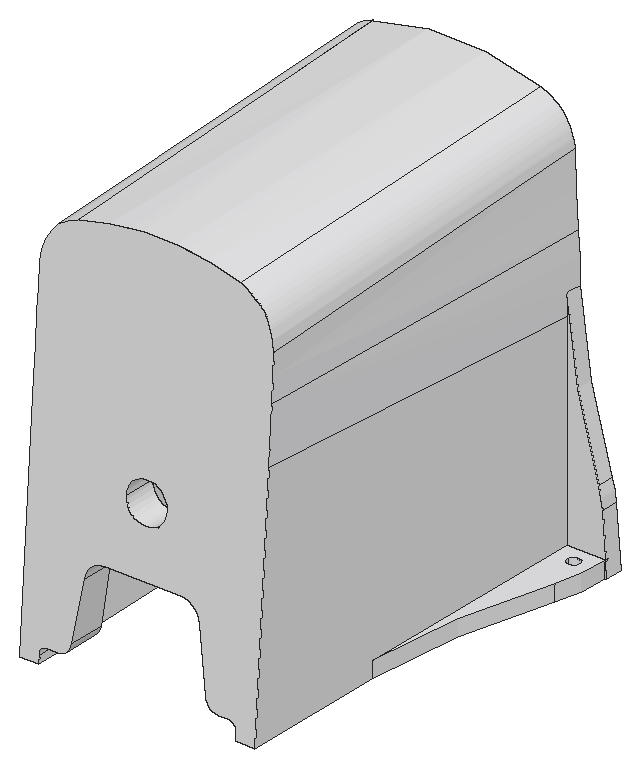
Revit family "Sink-Semi_Pedestal-KOHLER-REACH-K-18566X", category Specialty Equipment, host Face, Revit 2017
Family settings
  Host = Face
  Round Connector Dimension = Use Diameter
  Part Type = Normal
  OmniClass Number = 23.31.25.00
  OmniClass Title = Toilet and Bath Specialties
  Cut with Voids When Loaded = No
  Shared = No
  Room Calculation Point = No
Parameters (values of type "0-White")
  Width = 9 95/256"  # constant formula
  WaterSense Certified = 1 = 0  # no
  URL = "https://www.kohler.co.th/"
  Type = 1
  Product Page URL = "https://www.kohler.co.th/productDetails/18566X?skuid=18566X-0"
  Product Name = "Reach"  # constant formula
  Product Documentation Link = "http://resources.kohler.com/plumbing/kohlerapac/pdf/1207287-X4-D.pdf"
  Model = "K-18566X-0"  # constant formula
  Material = "Vitreous China"  # constant formula
  Master Format 2014 Name = "Toilet, Bath, and Laundry Accessories"  # constant formula
  Master Format 2014 = "10 28 00"  # constant formula
  Manufacturer Address = "16th Floor, Jasmine City Building 2, Soi Sukhumvit 23, Sukhumvit Road, Khlong Toei Nuea, Watthana, Bangkok 10110"  # constant formula
  Manufacturer = "KOHLER Co."  # constant formula
  Length = 12 1/128"  # constant formula
  Height = 11 107/256"  # constant formula
  Finish = Kohler-Vitreous_China-0-White
  Environmental Product Declaration = ""
  Description = "Floating basin support"  # constant formula
  Default Elevation = 25"
  Declare Label = ""
  Date Modified = "03/25/2021"  # constant formula
  Date Created = "03/25/2021"  # constant formula
  Copyright = "Copyright KOHLER Co."  # constant formula
  Contact Us = "https://www.kohler.co.th/contact-us"
  Assembly Code = "C1030200"
  ADA Compliant = 1 = 0  # no
Reference planes (in)
  plane 1 "Center (Front/Back)": y = 0
  plane 2: z = 0
  plane 3 "Center (Left/Right)": x = 0
  plane 4: x = 4.68504
  plane 5: x = -4.68605
  plane 6: y = -5.70898
  plane 7: y = 5.70898
  plane 8: z = 12.00781
Dimensions and locks (in)
  equal spacing: plane 7, plane 1 "Center (Front/Back)", plane 6
  "Width": plane 5 to plane 4
  plane 7 to plane 6 = 11 107/256"
  "Length": plane 8 to level
  "Height": plane 7 to plane 6
  plane 8 to level = 12 1/128"
  plane 5 to plane 4 = 9 95/256"
  aligned and locked: plane 2 to host face
  aligned and locked: level to host face
  aligned and locked: plane 5 to nested 1
Automatic sketch dimensions
  host sketch curve to host sketch curve = 96"  (x2)
Nested families (in)
  nested 1: "K-18566X" at (-0.00102, 5.70866, 0), type "K-18566X"
Definition of nested family "K-18566X"
  Parameters (values of type "K-18566X")
    Material = none
  Reference planes (in)
    plane 1 "Center (Front/Back)": y = 0
    plane 2: z = 0
    plane 3 "Center (Left/Right)": x = 0
    plane 4: z = 12.00787
    plane 5: y = -11.41732
    plane 6: y = -5.70866
    plane 7: x = -4.68504
    plane 8: x = 4.68504
  Forms (in)
    Blend 1, solid, material <- "Material", detail levels medium+fine
      base sketch origin (0, 0, 0) x (1, 0, 0) y (0, 0, 1)
        loop
          line (-3.54114, 0) -> (3.54114, 0) -> (3.54114, 6.29695)
          arc (3.54114, 6.29695) -> (3.52291, 7.31664) -> (3.46823, 8.33502) r 28.51996
          arc (3.46823, 8.33502) -> (3.40611, 9.34803) -> (3.36483, 10.36211) r 49.37546
          arc (3.36483, 10.36211) -> (3.09019, 11.14656) -> (2.41438, 11.63037) r 1.37795
          arc (2.41438, 11.63037) -> (0.00442, 12.01619) -> (-2.40746, 11.64253) r 7.84327
          arc (-2.40746, 11.64253) -> (-3.08788, 11.15925) -> (-3.36453, 10.37186) r 1.37795
          arc (-3.36453, 10.37186) -> (-3.40586, 9.3529) -> (-3.46823, 8.33502) r 49.37546
          arc (-3.46823, 8.33502) -> (-3.52291, 7.31664) -> (-3.54114, 6.29695) r 28.51996
          line (-3.54114, 6.29695) -> (-3.54114, 0)
      top sketch origin (0, 0, 0) x (1, 0, 0) y (0, 0, 1)
        loop
          arc (-2.30756, 11.19553) -> (-3.06139, 10.67009) -> (-3.35105, 9.79805) r 1.45753
          line (-3.35105, 9.79805) -> (-3.35105, 8.61284) -> (-3.35105, 7.03804) -> (-3.35105, 0) -> (3.35105, 0) -> (3.35105, 7.03804) -> (3.35105, 8.61284) -> (3.35105, 9.79394)
          arc (3.35105, 9.79394) -> (3.06269, 10.66397) -> (2.31178, 11.18955) r 1.45669
          arc (2.31178, 11.18955) -> (0.00254, 11.52902) -> (-2.30756, 11.19553) r 8.0952
      from 0 to 11.75219
    Blend 2, void
      base sketch origin (0, 0, 0) x (1, 0, 0) y (0, 0, 1)
        loop
          line (3.0708, 0) -> (3.0708, 6.49606)
          arc (3.0708, 6.49606) -> (3.02882, 8.43798) -> (2.90297, 10.37626) r 44.93924
          arc (2.90297, 10.37626) -> (2.70482, 10.87445) -> (2.26477, 11.18074) r 0.93094
          arc (2.26477, 11.18074) -> (-0.00137, 11.54107) -> (-2.26709, 11.17813) r 7.27965
          arc (-2.26709, 11.17813) -> (-2.70561, 10.87234) -> (-2.90303, 10.37553) r 0.92913
          arc (-2.90303, 10.37553) -> (-3.02884, 8.43761) -> (-3.0708, 6.49606) r 44.93924
          line (-3.0708, 6.49606) -> (-3.0708, 0) -> (3.0708, 0)
      top sketch origin (0, 0, 0) x (1, 0, 0) y (0, 0, 1)
        loop
          arc (2.31069, 10.69976) -> (0.00041, 11.10534) -> (-2.31014, 10.70131) r 6.7957
          arc (-2.31014, 10.70131) -> (-2.72482, 10.38435) -> (-2.88208, 9.88666) r 0.86614
          line (-2.88208, 9.88666) -> (-2.88208, 7.91681) -> (-2.88208, 0) -> (2.88208, 0) -> (2.88208, 7.91681) -> (2.88208, 9.88531)
          arc (2.88208, 9.88531) -> (2.72499, 10.38276) -> (2.31069, 10.69976) r 0.86614
      from 0 to 10.38201
    Extrusion 3, void
      sketch origin (0, 0, 0) x (0, 1, 0) y (0, 0, 1)
        loop
          line (-11.4923, -0.51523) -> (-10.59492, 12.18162) -> (-12.1906, 12.18162) -> (-12.1906, -0.51523) -> (-11.4923, -0.51523)
      from -4.452 to 5.56338
    Extrusion 4, void
      sketch origin (0, 0, 0) x (1, 0, 0) y (0, 0, 1)
        loop
          arc (-2.58925, 0.46124) -> (-2.7513, 0.39412) -> (-2.81841, 0.23207) r 0.22916
          line (-2.81841, 0.23207) -> (-2.81838, -0.40491) -> (2.81923, -0.40491) -> (2.81927, 0.21855)
          arc (2.81927, 0.21855) -> (2.74819, 0.39016) -> (2.57659, 0.46124) r 0.24267
          line (2.57659, 0.46124) -> (2.30627, 0.46124)
          arc (2.30627, 0.46124) -> (2.04992, 0.55614) -> (1.91715, 0.79508) r 0.3937
          line (1.91715, 0.79508) -> (1.65184, 2.51972)
          arc (1.65184, 2.51972) -> (1.45268, 2.87813) -> (1.06815, 3.02048) r 0.59055
          line (1.06815, 3.02048) -> (-1.06815, 3.02048)
          arc (-1.06815, 3.02048) -> (-1.45268, 2.87813) -> (-1.65184, 2.51972) r 0.59055
          line (-1.65184, 2.51972) -> (-1.91715, 0.79508)
          arc (-1.91715, 0.79508) -> (-2.04992, 0.55614) -> (-2.30627, 0.46124) r 0.3937
          line (-2.30627, 0.46124) -> (-2.58925, 0.46124)
      from 6.83554 to 12.68909
    Extrusion 5, void
      sketch origin (0, 0, 0) x (1, 0, 0) y (0, 0, 1)
        loop
          circle (-0.00384, 4.95847) r 0.59055
      from 7.27061 to 12.68909
    Extrusion 6, solid, material <- "Material", detail levels medium+fine
      sketch origin (0, 0, 0) x (1, 0, 0) y (0, 0, 1)
        loop
          line (-2.95276, 5.77922) -> (-2.95276, 4.0619) -> (2.94251, 4.0619) -> (2.94251, 5.77922) -> (-2.95276, 5.77922)
      from 10.19013 to 10.58218
    Extrusion 7, solid, material <- "Material", detail levels medium+fine
      sketch origin (0, 0, 0) x (1, 0, 0) y (0, 0, 1)
        loop
          line (3.54114, 6.29695) -> (3.54114, 0) -> (4.68504, 0)
          arc (4.68504, 0) -> (4.61204, 0.8524) -> (4.54953, 1.70564) r 69.61999
          arc (4.54953, 1.70564) -> (4.51092, 2.00186) -> (4.43561, 2.29095) r 2.38699
          arc (4.43561, 2.29095) -> (3.83921, 4.58144) -> (3.53415, 6.92856) r 18.87588
          arc (3.53415, 6.92856) -> (3.53939, 6.61278) -> (3.54114, 6.29695) r 28.51996
        loop
          arc (-3.54114, 6.29695) -> (-3.53939, 6.61278) -> (-3.53415, 6.92856) r 28.51996
          arc (-3.53415, 6.92856) -> (-3.83921, 4.58144) -> (-4.43561, 2.29095) r 18.87588
          arc (-4.43561, 2.29095) -> (-4.51092, 2.00186) -> (-4.54953, 1.70564) r 2.38699
          arc (-4.54953, 1.70564) -> (-4.61204, 0.8524) -> (-4.68504, 0) r 69.61999
          line (-4.68504, 0) -> (-3.54114, 0) -> (-3.54114, 6.29695)
      from 0 to 0.47657
    Extrusion 8, solid, material <- "Material", detail levels medium+fine
      sketch origin (0, 0, 0) x (1, 0, 0) y (0, 1, 0)
        loop
          arc (3.4227, -7.32257) -> (3.75137, -4.64135) -> (4.43243, -2.02732) r 20.34124
          arc (4.43243, -2.02732) -> (4.60922, -1.28204) -> (4.65216, -0.51728) r 4.33747
          arc (4.65216, -0.51728) -> (4.63599, -0.25792) -> (4.60431, 0) r 4.33747
          line (4.60431, 0) -> (3.54114, 0) -> (3.4227, -7.32257)
        loop
          circle (4.13342, -0.98462) r 0.17717
        loop
          line (-3.4227, -7.32257) -> (-3.54114, 0) -> (-4.60431, 0)
          arc (-4.60431, 0) -> (-4.63599, -0.25792) -> (-4.65216, -0.51728) r 4.33747
          arc (-4.65216, -0.51728) -> (-4.60922, -1.28204) -> (-4.43243, -2.02732) r 4.33747
          arc (-4.43243, -2.02732) -> (-3.75137, -4.64135) -> (-3.4227, -7.32257) r 20.34124
        loop
          circle (-4.13342, -0.98462) r 0.17717
      from 0 to 0.4688
    Blend 9, solid, material <- "Material", detail levels coarse
      base sketch origin (0, 0, 0) x (1, 0, 0) y (0, 0, 1)
        loop
          line (-3.3971, 12.00787) -> (-3.3971, 0) -> (3.3971, 0) -> (3.3971, 12.00787) -> (-3.3971, 12.00787)
      top sketch origin (0, 0, 0) x (1, 0, 0) y (0, 0, 1)
        loop
          line (-3.11738, 11.61843) -> (-3.11738, 0) -> (3.11738, 0) -> (3.11738, 11.61843) -> (-3.11738, 11.61843)
      from 0 to 11.41732
    Blend 10, void
      base sketch origin (0, 0, 0) x (1, 0, 0) y (0, 0, 1)
        loop
          line (3.08048, 11.66308) -> (-3.08048, 11.66308) -> (-3.08048, 0) -> (3.08048, 0) -> (3.08048, 11.66308)
      top sketch origin (0, 0, 0) x (1, 0, 0) y (0, 0, 1)
        loop
          line (2.81979, 10.94261) -> (-2.81979, 10.94261) -> (-2.81979, 0) -> (2.81979, 0) -> (2.81979, 10.94261)
      from 0 to 10.38619
    Extrusion 11, solid, material <- "Material", detail levels coarse
      sketch origin (0, 0, 0) x (1, 0, 0) y (0, 0, 1)
        loop
          line (-3.12969, 0) -> (-3.12969, 7.3572) -> (-3.29818, 7.3572) -> (-4.68504, 2.28971) -> (-4.68504, 0) -> (-3.12969, 0)
        loop
          line (3.12969, 0) -> (4.68504, 0) -> (4.68504, 2.28971) -> (3.29818, 7.3572) -> (3.12969, 7.3572) -> (3.12969, 0)
      from 0 to 0.52274
    Extrusion 12, solid, material <- "Material", detail levels coarse
      sketch origin (0, 0, 0) x (1, 0, 0) y (0, 1, 0)
        loop
          line (-3.16367, 0) -> (-4.68504, 0) -> (-4.68504, -1.88262) -> (-3.20259, -6.42224) -> (-3.16367, -6.42224) -> (-3.16367, 0)
        loop
          line (3.16367, 0) -> (3.16367, -6.42224) -> (3.20259, -6.42224) -> (4.68504, -1.88262) -> (4.68504, 0) -> (3.16367, 0)
      from 0 to 0.62858
  Cuts and joins
    Blend 10 cuts Blend 9
    joined: Blend 9, Extrusion 11, Extrusion 12
    Blend 2, Extrusion 3, Extrusion 4, Extrusion 5 cuts Blend 1
    Extrusion 5 cuts Extrusion 6
    Extrusion 5 cuts Extrusion 7
    Extrusion 5 cuts Extrusion 8
    joined: Blend 1, Extrusion 6, Extrusion 7, Extrusion 8
  Lines and regions (in)
    Masking region 1
      outline origin (0, 0, 0) x (1, 0, 0) y (0, 1, 0)
        loop
          arc (-4.68504, 0) -> (-4.6158, -1.14114) -> (-4.36547, -2.25664) r 7.14607
          arc (-4.36547, -2.25664) -> (-3.70506, -5.01131) -> (-3.41034, -7.82866) r 21.62814
          line (-3.41034, -7.82866) -> (-3.33702, -10.29125) -> (-3.33702, -10.96476)
          arc (-3.33702, -10.96476) -> (-3.20447, -11.28477) -> (-2.88446, -11.41732) r 0.45256
          line (-2.88446, -11.41732) -> (-2.1495, -11.41732)
          arc (-2.1495, -11.41732) -> (-2.078, -11.4096) -> (-2.00981, -11.38678) r 0.33466
          line (-2.00981, -11.38678) -> (-1.76852, -11.27594)
          arc (-1.76852, -11.27594) -> (-1.70701, -11.26125) -> (-1.64425, -11.25341) r 0.57453
          arc (-1.64425, -11.25341) -> (-1.35638, -11.23846) -> (-1.06816, -11.23347) r 8.329
          line (-1.06816, -11.23347) -> (0, -11.23347) -> (1.06816, -11.23347)
          arc (1.06816, -11.23347) -> (1.35638, -11.23846) -> (1.64425, -11.25341) r 8.329
          arc (1.64425, -11.25341) -> (1.70701, -11.26125) -> (1.76852, -11.27594) r 0.57453
          line (1.76852, -11.27594) -> (2.00981, -11.38678)
          arc (2.00981, -11.38678) -> (2.078, -11.4096) -> (2.1495, -11.41732) r 0.33466
          line (2.1495, -11.41732) -> (2.88446, -11.41732)
          arc (2.88446, -11.41732) -> (3.20447, -11.28477) -> (3.33702, -10.96476) r 0.45256
          line (3.33702, -10.96476) -> (3.33702, -10.29125) -> (3.41034, -7.82866)
          arc (3.41034, -7.82866) -> (3.70506, -5.01131) -> (4.36547, -2.25664) r 21.62814
          arc (4.36547, -2.25664) -> (4.6158, -1.14114) -> (4.68504, 0) r 7.14607
          line (4.68504, 0) -> (-4.68504, 0)
        loop
          circle (-4.13284, -0.98393) r 0.17717
        loop
          circle (4.13284, -0.98393) r 0.17717
    Masking region 2
      outline origin (0, 0, 0) x (1, 0, 0) y (0, 0, 1)
        loop
          arc (-2.33524, 11.65992) -> (0.00201, 12.00787) -> (2.33819, 11.65286) r 7.94319
          arc (2.33819, 11.65286) -> (2.80424, 11.42089) -> (3.17241, 11.05283) r 1.61662
          arc (3.17241, 11.05283) -> (3.30616, 10.79429) -> (3.35959, 10.50815) r 0.99767
          arc (3.35959, 10.50815) -> (3.48276, 7.95145) -> (3.71661, 5.4025) r 59.04542
          arc (3.71661, 5.4025) -> (3.89463, 4.3097) -> (4.17726, 3.23916) r 11.46263
          arc (4.17726, 3.23916) -> (4.38958, 2.47876) -> (4.54953, 1.70564) r 11.56485
          arc (4.54953, 1.70564) -> (4.65594, 0.85589) -> (4.68504, 0) r 9.45704
          line (4.68504, 0) -> (2.88208, 0) -> (2.8821, 0.21751)
          arc (2.8821, 0.21751) -> (2.81061, 0.39009) -> (2.63803, 0.46158) r 0.24407
          line (2.63803, 0.46158) -> (2.30627, 0.46158)
          arc (2.30627, 0.46158) -> (2.04992, 0.55648) -> (1.91715, 0.79542) r 0.3937
          line (1.91715, 0.79542) -> (1.65182, 2.52007)
          arc (1.65182, 2.52007) -> (1.45267, 2.87848) -> (1.06814, 3.02083) r 0.59055
          line (1.06814, 3.02083) -> (-1.06814, 3.02083)
          arc (-1.06814, 3.02083) -> (-1.45267, 2.87848) -> (-1.65182, 2.52007) r 0.59055
          line (-1.65182, 2.52007) -> (-1.91715, 0.79542)
          arc (-1.91715, 0.79542) -> (-2.04992, 0.55648) -> (-2.30627, 0.46158) r 0.3937
          line (-2.30627, 0.46158) -> (-2.63803, 0.46158)
          arc (-2.63803, 0.46158) -> (-2.81061, 0.39009) -> (-2.8821, 0.21751) r 0.24407
          line (-2.8821, 0.21751) -> (-2.88208, 0) -> (-4.68504, 0)
          arc (-4.68504, 0) -> (-4.65594, 0.85589) -> (-4.54953, 1.70564) r 9.45704
          arc (-4.54953, 1.70564) -> (-4.38958, 2.47876) -> (-4.17726, 3.23916) r 11.56485
          arc (-4.17726, 3.23916) -> (-3.89463, 4.3097) -> (-3.71661, 5.4025) r 11.46263
          arc (-3.71661, 5.4025) -> (-3.48276, 7.95145) -> (-3.35959, 10.50815) r 59.04542
          arc (-3.35959, 10.50815) -> (-3.30616, 10.79429) -> (-3.17241, 11.05283) r 0.99767
          arc (-3.17241, 11.05283) -> (-2.80226, 11.42232) -> (-2.33351, 11.65429) r 1.61662
        loop
          circle (0, 4.91492) r 0.59055
    Masking region 3
      outline origin (0, 0, 0) x (0, 1, 0) y (0, 0, 1)
        loop
          line (0, 12.00787) -> (-10.21766, 11.55471)
          arc (-10.21766, 11.55471) -> (-10.52803, 11.42044) -> (-10.6704, 11.1137) r 0.47497
          line (-10.6704, 11.1137) -> (-11.41732, 0.54562)
          arc (-11.41732, 0.54562) -> (-11.40754, 0.27281) -> (-11.41732, 0) r 3.80825
          line (-11.41732, 0) -> (0, 0) -> (0, 12.00787)
    symbolic lines, detail levels medium+fine
      curve 1: arc (-2.22179, -10.69496, 0) -> (0.00238, -10.67099, 0) -> (2.22655, -10.69496, 0) r 103.19902
      curve 2: line (-2.87439, -10.74031, 0) -> (-2.88241, -11.02821, 0)
      curve 3: line (-2.88211, -11.42073, 0) -> (-2.88241, -11.02821, 0)
      curve 4: arc (-2.87439, -10.74031, 0) -> (-2.54863, -10.70983, 0) -> (-2.22179, -10.69496, 0) r 6.84249
      curve 5: spline (-0.59055, -11.10631, 0) -> (-0.57043, -11.09612, 0) -> (-0.51143, -11.08663, 0) -> (-0.41758, -11.07847, 0) -> (-0.29528, -11.07221, 0) -> (-0.15285, -11.06828, 0) -> (0, -11.06694, 0) -> (0.15285, -11.06828, 0) -> (0.29528, -11.07221, 0) -> (0.41758, -11.07847, 0) -> (0.51143, -11.08663, 0) -> (0.57043, -11.09612, 0) -> (0.59055, -11.10631, 0) -> (0.57043, -11.1165, 0) -> (0.51143, -11.126, 0) -> (0.41758, -11.13415, 0) -> (0.29528, -11.14041, 0) -> (0.15285, -11.14434, 0) -> (0, -11.14568, 0) -> (-0.15285, -11.14434, 0) -> (-0.29528, -11.14041, 0) -> (-0.41758, -11.13415, 0) -> (-0.51143, -11.126, 0) -> (-0.57043, -11.1165, 0) -> (-0.59055, -11.10631, 0)
      curve 6: arc (-2.37012, -10.24584, 0) -> (-0.00792, -10.22057, 0) -> (2.35429, -10.24584, 0) r 110.43374
      curve 7: arc (2.35429, -10.24584, 0) -> (2.8458, -10.25813, 0) -> (3.33721, -10.27396, 0) r 68.16095
      curve 8: arc (2.35429, -10.24584, 0) -> (2.34043, -10.48462, 0) -> (2.22655, -10.69496, 0) r 0.55021
      curve 9: arc (-2.37012, -10.24584, 0) -> (-2.33515, -10.48335, 0) -> (-2.22179, -10.69496, 0) r 0.69815
      curve 10: line (-2.37012, -10.24584, 0) -> (-2.37012, 0, 0)
      curve 11: line (-3.35437, 0, 0) -> (-3.35437, -9.55406, 0)
      curve 12: arc (-2.87439, -10.74031, 0) -> (-3.2029, -10.6035, 0) -> (-3.33721, -10.27396, 0) r 0.46284
      curve 13: line (-3.35437, -0.47958, 0) -> (-4.66538, -0.47958, 0)
      curve 14: line (-4.4637, 0, 0) -> (-4.4637, -0.47958, 0)
      curve 15: arc (-2.35429, -10.24584, 0) -> (-2.8458, -10.25813, 0) -> (-3.33721, -10.27396, 0) r 68.16095
      curve 16: arc (2.23132, 0, 11.18795) -> (-0.03246, 0, 11.53472) -> (-2.29624, 0, 11.18795) r 7.56242
      curve 17: arc (2.80622, 0, 10.75415) -> (2.55627, 0, 11.02075) -> (2.23132, 0, 11.18795) r 1.07252
      curve 18: arc (2.8803, 0, 10.5683) -> (2.85271, 0, 10.66499) -> (2.80622, 0, 10.75415) r 0.49695
      curve 19: line (2.8803, 0, 10.5683) -> (3.06722, 0, 6.29619)
      curve 20: line (3.06722, 0, 6.29619) -> (3.06722, 0, 0)
      curve 21: arc (2.18588, 0, 10.63185) -> (-0.03178, 0, 10.97719) -> (-2.24945, 0, 10.63185) r 7.29311
      curve 22: line (2.88208, 0, 0.22065) -> (2.75661, 0, 10.00914)
      curve 23: arc (2.62294, 0, 10.35206) -> (2.42273, 0, 10.52057) -> (2.18588, 0, 10.63185) r 1.00758
      curve 24: arc (2.75661, 0, 10.00914) -> (2.7218, 0, 10.19308) -> (2.62294, 0, 10.35206) r 0.50992
      curve 25: line (2.80901, 0, 5.92081) -> (-2.80261, 0, 5.92081)
      curve 26: line (2.67178, 0, 5.77922) -> (-2.67178, 0, 5.77922)
      curve 27: line (2.23132, 0, 11.18795) -> (2.23132, 0, 10.61614)
      curve 28: line (2.7521, 0, 10.82914) -> (2.7521, 0, 10.07556)
      curve 29: arc (2.80976, 0, 5.863) -> (2.75249, 0, 5.80181) -> (2.67178, 0, 5.77922) r 0.15551
      curve 30: arc (-2.80622, 0, 10.75415) -> (-2.55627, 0, 11.02075) -> (-2.23132, 0, 11.18795) r 1.07252
      curve 31: arc (-2.8803, 0, 10.5683) -> (-2.85271, 0, 10.66499) -> (-2.80622, 0, 10.75415) r 0.49695
      curve 32: line (-2.8803, 0, 10.5683) -> (-3.06722, 0, 6.29619)
      curve 33: line (-3.06722, 0, 6.29619) -> (-3.06722, 0, 0)
      curve 34: line (-2.88208, 0, 0.22065) -> (-2.75661, 0, 10.00914)
      curve 35: arc (-2.62294, 0, 10.35206) -> (-2.42273, 0, 10.52057) -> (-2.18588, 0, 10.63185) r 1.00758
      curve 36: arc (-2.75661, 0, 10.00914) -> (-2.7218, 0, 10.19308) -> (-2.62294, 0, 10.35206) r 0.50992
      curve 37: line (-2.23132, 0, 11.18795) -> (-2.23132, 0, 10.61614)
      curve 38: line (-2.7521, 0, 10.82914) -> (-2.7521, 0, 10.07556)
      curve 39: arc (-2.80976, 0, 5.863) -> (-2.75249, 0, 5.80181) -> (-2.67178, 0, 5.77922) r 0.15551
      curve 40: line (2.8348, 0, 3.90903) -> (-2.8348, 0, 3.90903)
      curve 41: line (2.67178, 0, 4.05062) -> (-2.67178, 0, 4.05062)
      curve 42: arc (2.82666, 0, 3.90903) -> (2.7767, 0, 4.00989) -> (2.67178, 0, 4.05062) r 0.15551
      curve 43: arc (-2.82666, 0, 3.90903) -> (-2.7767, 0, 4.00989) -> (-2.67178, 0, 4.05062) r 0.15551
      curve 44: line (0, 0, 11.61417) -> (0, -10.22719, 11.18424)
      curve 45: arc (0, -10.22719, 11.18424) -> (0, -10.52883, 11.06589) -> (0, -10.6935, 10.78682) r 0.49723
      curve 46: line (0, 0, 10.94214) -> (0, -10.26902, 10.50785)
      curve 47: arc (0, -10.26902, 10.50785) -> (0, -10.52115, 10.44376) -> (0, -10.72882, 10.28707) r 0.65886
      curve 48: line (0, -0.01048, 10.58464) -> (0, -10.26879, 10.04703)
      curve 49: line (0, -10.26879, 10.04703) -> (0, -10.74344, 10.08022)
      curve 50: line (0, -0.47958, 7.21174) -> (0, -0.47279, 0.35397)
      curve 51: line (0, -0.47958, 7.21174) -> (0, 0, 7.21174)
      curve 52: line (0, -0.47864, 6.2605) -> (0, -10.56541, 6.019)
      curve 53: line (0, -10.56541, 6.019) -> (0, -11.01833, 6.05862)
      curve 54: line (0, -0.47291, 0.47197) -> (0, -5.37287, 0.46712)
      curve 55: line (0, -0.47279, 0.35397) -> (0, -5.39405, 0.35397)
      curve 56: arc (0, -5.37287, 0.46712) -> (0, -6.62367, 0.46434) -> (0, -7.87446, 0.45847) r 506.80614
      curve 57: arc (0, -5.39405, 0.35397) -> (0, -6.63535, 0.38011) -> (0, -7.87446, 0.45847) r 29.48995
      curve 58: arc (0, -7.87446, 0.45847) -> (0, -7.92032, 0.22923) -> (0, -7.87446, 0) r 0.59581
      curve 59: line (0, -0.47279, 0.35397) -> (0, -0.25965, 0.20473)
      curve 60: arc (0, -0.25965, 0.20473) -> (0, -0.16888, 0.11489) -> (0, -0.11312, 0) r 0.37882
      curve 61: line (0, -0.47465, 2.22689) -> (0, 0, 2.22689)
      curve 62: line (0, -10.99043, 0) -> (0, -10.28792, 10.04634)
      curve 63: arc (0, -10.28792, 10.04634) -> (0, -10.2434, 10.80019) -> (0, -10.21519, 11.55482) r 34.91075
      curve 64: line (2.87439, -10.74031, 0) -> (2.88241, -11.02821, 0)
      curve 65: line (2.88211, -11.42073, 0) -> (2.88241, -11.02821, 0)
      curve 66: arc (2.87439, -10.74031, 0) -> (2.54863, -10.70983, 0) -> (2.22179, -10.69496, 0) r 6.84249
      curve 67: line (2.37012, -10.24584, 0) -> (2.37012, 0, 0)
      curve 68: line (3.35437, 0, 0) -> (3.35437, -9.67275, 0)
      curve 69: arc (2.87439, -10.74031, 0) -> (3.2029, -10.6035, 0) -> (3.33721, -10.27396, 0) r 0.46284
      curve 70: line (3.35437, -0.47958, 0) -> (4.66651, -0.47958, 0)
      curve 71: line (4.4637, 0, 0) -> (4.4637, -0.47958, 0)
  Dimensions and locks (in)
    plane 1 "Center (Front/Back)" to plane 5 = 11.41732"
    level to plane 4 = 12.00787"
    plane 4 to level = 12.00787"
    plane 5 to plane 1 "Center (Front/Back)" = 11.41732"
    equal spacing: plane 5, plane 6, plane 1 "Center (Front/Back)"
    plane 8 to plane 7 = 9.37008"
    aligned and locked: plane 2 to level
  Automatic sketch dimensions
    curve 62 to level = 0"
    curve 58 to level = 0"
    curve 60 to level = 0"
    curve 51 to plane 1 "Center (Front/Back)" = 0"
    curve 46 to plane 1 "Center (Front/Back)" = 0"
    curve 44 to plane 1 "Center (Front/Back)" = 0"
    curve 61 to plane 1 "Center (Front/Back)" = 0"
    plane 1 "Center (Front/Back)" to curve 59 = 0.25965"
    curve 59 to curve 60 = 0.21315"
    curve 60 to level = 0.10558"
    curve 60 to curve 59 = 0.21728"
    plane 1 "Center (Front/Back)" to curve 50 = 0.47958"
    plane 6 to curve 56 = 0.83763"
    plane 6 to curve 54 = 0.33579"
    plane 6 to curve 57 = 0.31461"
    level to curve 58 = 0.22923"
    curve 58 to plane 6 = 1.61585"
    plane 5 to curve 45 = 1.21102"
    curve 44 to curve 45 = 0.02088"
    curve 47 to curve 45 = 0.02967"
    curve 48 to curve 47 = 0.03282"
    curve 46 to curve 45 = 0.06272"
    curve 62 to curve 48 = 0.01914"
    plane 5 to curve 52 = 0.85192"
    curve 63 to plane 4 = 0.47372"
    curve 63 to plane 5 = 33.69631"
    curve 56 to curve 60 = 506.23318"
    level to curve 59 = 0.20473"
    curve 60 to curve 55 = 0.14925"
    curve 57 to curve 54 = 0.11315"
    plane 4 to curve 52 = 5.98888"
    plane 4 to curve 50 = 4.79614"
    plane 4 to curve 47 = 2.15806"
    curve 47 to curve 62 = 0.19653"
    curve 62 to curve 49 = 0.00069"
    curve 48 to curve 46 = 0.46082"
    curve 47 to curve 45 = 0.1796"
    curve 45 to curve 44 = 0.49679"
    curve 57 to plane 4 = 17.83604"
    plane 1 "Center (Front/Back)" to curve 48 = 0.01048"
    plane 1 "Center (Front/Back)" to curve 61 = 0.47465"
    plane 1 "Center (Front/Back)" to curve 52 = 0.47864"
    curve 45 to curve 63 = 0.012"
    curve 45 to curve 45 = 0.4872"
    curve 47 to curve 45 = 0.03532"
    curve 49 to curve 47 = 0.01462"
    plane 5 to curve 62 = 0.42689"
    plane 5 to curve 53 = 0.399"
    curve 52 to curve 53 = 0.03963"
    curve 49 to curve 47 = 0.20686"
    plane 4 to curve 48 = 1.42323"
    curve 48 to curve 46 = 0.3575"
    plane 4 to curve 44 = 0.3937"
    curve 33 to level = 0"
    curve 20 to level = 0"
    curve 32 to curve 34 = 0.12369"
    curve 32 to curve 39 = 0.39544"
    curve 32 to curve 31 = 0.48922"
    curve 31 to curve 36 = 0.14439"
    curve 31 to curve 37 = 0.15976"
    curve 36 to curve 30 = 0.33643"
    curve 30 to curve 35 = 0.03077"
    curve 16 to plane 3 "Center (Left/Right)" = 0.03246"
    curve 21 to plane 3 "Center (Left/Right)" = 0.03178"
    plane 3 "Center (Left/Right)" to curve 23 = 1.8795"
    curve 23 to curve 17 = 0.03077"
    plane 4 to curve 27 = 0.81993"
    curve 17 to curve 27 = 0.32105"
    curve 17 to curve 24 = 0.33643"
    curve 27 to curve 18 = 0.15976"
    curve 26 to curve 41 = 0"
    curve 24 to curve 22 = 0.50992"
    curve 18 to curve 19 = 0.48922"
    curve 29 to curve 19 = 0.39544"
    level to curve 21 = 3.68408"
    curve 21 to curve 43 = 0.21103"
    curve 21 to curve 42 = 0.21103"
    curve 21 to curve 16 = 0.28823"
    curve 43 to curve 41 = 0.15551"
    curve 41 to curve 26 = 1.7286"
    curve 26 to curve 29 = 0.15551"
    curve 39 to curve 39 = 0.15551"
    curve 29 to curve 20 = 0.36147"
    curve 39 to curve 33 = 0.36147"
    curve 23 to curve 17 = 0.49263"
    plane 4 to curve 35 = 2.3359"
    curve 24 to curve 17 = 0.15672"
    curve 35 to curve 36 = 0.33591"
    curve 24 to curve 22 = 0.00125"
    curve 36 to curve 34 = 0.00125"
    curve 36 to curve 30 = 0.15672"
    curve 24 to curve 18 = 33/256"
    curve 36 to curve 31 = 33/256"
    curve 19 to curve 17 = 0.18585"
    curve 36 to curve 32 = 0.21624"
    curve 31 to curve 37 = 0.4338"
    level to curve 34 = 0.22065"
    curve 33 to curve 34 = 0.18514"
    curve 40 to curve 43 = 0.16302"
    curve 39 to curve 25 = 0.00715"
    curve 36 to curve 38 = 0.00451"
    curve 35 to curve 36 = 0"
    curve 16 to curve 37 = 0.06492"
    curve 21 to curve 37 = 0.01813"
    curve 37 to curve 35 = 0.04544"
    curve 21 to curve 27 = 0.04544"
    curve 23 to curve 21 = 0"
    curve 28 to curve 22 = 0.00451"
    curve 29 to curve 25 = 0.13724"
    curve 25 to curve 29 = 0.00074"
    curve 42 to curve 40 = 0.00814"
    level to curve 22 = 0.22065"
    Blend 1 sketch curve to level = 0"  (x2)
    plane 4 to Blend 1 sketch curve = 0.14444"  (x2)
    plane 4 to Blend 1 sketch curve = 5 91/128"  (x2)
    Blend 1 sketch curve to plane 3 "Center (Left/Right)" = 1.98721"
    Blend 1 sketch curve to plane 3 "Center (Left/Right)" = 0.01537"
    plane 3 "Center (Left/Right)" to Blend 1 sketch curve = 1.98751"
    Blend 1 sketch curve to Blend 1 sketch curve = 27.73864"  (x2)
    Blend 1 sketch curve to Blend 1 sketch curve = 2.12401"
    plane 4 to Blend 1 sketch curve = 1.68767"
    plane 4 to Blend 1 sketch curve = 1.67764"
    Blend 1 sketch curve to Blend 1 sketch curve = 0"  (x6)
    Blend 1 sketch curve to Blend 1 sketch curve = 1.45753"
    Blend 1 sketch curve to plane 3 "Center (Left/Right)" = 0.00795"
    plane 3 "Center (Left/Right)" to Blend 1 sketch curve = 1.89435"
    Blend 1 sketch curve to Blend 1 sketch curve = 1.45669"
    level to Blend 1 sketch curve = 3.43383"
    Blend 1 sketch curve to Blend 1 sketch curve = 3.60421"  (x2)
    Blend 1 sketch curve to Blend 1 sketch curve = 1.5748"  (x2)
    Blend 1 sketch curve to Blend 1 sketch curve = 1.1811"
    Blend 1 sketch curve to Blend 1 sketch curve = 1.18521"
    Blend 2 sketch curve to level = 0"  (x2)
    plane 4 to Blend 2 sketch curve = 5.51181"  (x2)
    Blend 2 sketch curve to plane 3 "Center (Left/Right)" = 1.97737"
    plane 3 "Center (Left/Right)" to Blend 2 sketch curve = 0.00283"
    plane 3 "Center (Left/Right)" to Blend 2 sketch curve = 1.97551"
    Blend 2 sketch curve to Blend 2 sketch curve = 2.23464"
    plane 4 to Blend 2 sketch curve = 1.71256"
    plane 4 to Blend 2 sketch curve = 1.71199"
    Blend 2 sketch curve to Blend 2 sketch curve = 0"  (x4)
    Blend 2 sketch curve to Blend 2 sketch curve = 0.86614"
    Blend 2 sketch curve to plane 3 "Center (Left/Right)" = 0.00186"
    plane 3 "Center (Left/Right)" to Blend 2 sketch curve = 2.01594"
    level to Blend 2 sketch curve = 4.30964"
    plane 4 to Blend 2 sketch curve = 4.09106"  (x2)
    Blend 2 sketch curve to Blend 2 sketch curve = 1.9685"
    plane 4 to Blend 2 sketch curve = 2.12121"
    Extrusion 3 sketch curve to plane 4 = 0.17375"
    Extrusion 3 sketch curve to plane 5 = 0.77327"
    Extrusion 3 sketch curve to plane 5 = 0.07498"
    plane 5 to Extrusion 3 sketch curve = 0.8224"
    Extrusion 3 sketch curve to level = 0.51523"
    level to Extrusion 4 sketch curve = 0.23207"
    Extrusion 4 sketch curve to level = 0.40491"
    Extrusion 4 sketch curve to Extrusion 4 sketch curve = 0.00003"
    Extrusion 4 sketch curve to Extrusion 4 sketch curve = 0.22916"
    Extrusion 4 sketch curve to Extrusion 4 sketch curve = 0.28298"
    level to Extrusion 4 sketch curve = 0.79508"  (x2)
    Extrusion 4 sketch curve to Extrusion 4 sketch curve = 0.38912"  (x2)
    Extrusion 4 sketch curve to plane 3 "Center (Left/Right)" = 1.65184"
    Extrusion 4 sketch curve to Extrusion 4 sketch curve = 0.58369"
    plane 3 "Center (Left/Right)" to Extrusion 4 sketch curve = 1.06815"
    Extrusion 4 sketch curve to Extrusion 4 sketch curve = 0.58368"
    Extrusion 4 sketch curve to Extrusion 4 sketch curve = 0.26531"  (x2)
    level to Extrusion 4 sketch curve = 0.21857"
    Extrusion 4 sketch curve to Extrusion 4 sketch curve = 0.27032"
    Extrusion 4 sketch curve to Extrusion 4 sketch curve = 0.24264"
    level to Extrusion 4 sketch curve = 0.21855"
    Extrusion 4 sketch curve to Extrusion 4 sketch curve = 0.24267"
    Extrusion 4 sketch curve to Extrusion 4 sketch curve = 0"
    Extrusion 4 sketch curve to Extrusion 4 sketch curve = 1.63484"  (x2)
    Extrusion 4 sketch curve to Extrusion 4 sketch curve = 0.08979"
    Extrusion 5 sketch curve to plane 3 "Center (Left/Right)" = 0.00384"
    level to Extrusion 5 sketch curve = 4.95847"
    level to Extrusion 6 sketch curve = 4.0619"
    Extrusion 6 sketch curve to Extrusion 6 sketch curve = 1.71732"
    Masking region 3 sketch curve to plane 5 = 0"  (x2)
    Masking region 3 sketch curve to level = 0"
    Masking region 3 sketch curve to plane 1 "Center (Front/Back)" = 0"
    plane 4 to Masking region 3 sketch curve = 0"
    level to Masking region 3 sketch curve = 0.27281"
    Masking region 3 sketch curve to plane 5 = 3.79846"
    plane 5 to Masking region 3 sketch curve = 0.74692"
    plane 4 to Masking region 3 sketch curve = 0.45316"
    Masking region 3 sketch curve to Masking region 3 sketch curve = 0.45274"
    Masking region 3 sketch curve to Masking region 3 sketch curve = 0.02104"
    Masking region 3 sketch curve to Masking region 3 sketch curve = 0.4745"
    Blend 9 sketch curve to level = 0"  (x2)
    Blend 9 sketch curve to plane 4 = 0"
    plane 4 to Blend 9 sketch curve = 0.38945"
    Blend 10 sketch curve to level = 0"  (x2)
    plane 4 to Blend 10 sketch curve = 0.34479"
    plane 4 to Blend 10 sketch curve = 1.06526"
    Extrusion 11 sketch curve to level = 0"  (x2)
    Extrusion 11 sketch curve to Extrusion 11 sketch curve = 0.16848"  (x2)
    Extrusion 11 sketch curve to Extrusion 11 sketch curve = 1.55535"  (x2)
    Extrusion 11 sketch curve to Extrusion 11 sketch curve = 2.28971"  (x2)
    plane 4 to Extrusion 11 sketch curve = 4.65068"  (x2)
    plane 1 "Center (Front/Back)" to Extrusion 12 sketch curve = 0"  (x2)
    Extrusion 12 sketch curve to plane 6 = 0.71358"  (x2)
    Extrusion 12 sketch curve to Extrusion 12 sketch curve = 0.03892"  (x2)
    Extrusion 12 sketch curve to Extrusion 12 sketch curve = 1.52137"  (x2)
    plane 1 "Center (Front/Back)" to Extrusion 12 sketch curve = 1.88262"  (x2)
    curve 33 to curve 41 = 0.39544"
    curve 35 to plane 3 "Center (Left/Right)" = 1.8795"
    Blend 1 sketch curve to plane 3 "Center (Left/Right)" = 3.54114"
    Blend 1 sketch curve to Blend 1 sketch curve = 21.43767"  (x2)
    Blend 1 sketch curve to plane 3 "Center (Left/Right)" = 1.89352"
    Blend 2 sketch curve to plane 3 "Center (Left/Right)" = 3.0708"
    Blend 2 sketch curve to Blend 2 sketch curve = 38.79765"  (x2)
    Blend 2 sketch curve to plane 3 "Center (Left/Right)" = 2.01594"
    Extrusion 6 sketch curve to plane 3 "Center (Left/Right)" = 2.95276"
    Blend 9 sketch curve to plane 3 "Center (Left/Right)" = 3.3971"
    Blend 9 sketch curve to plane 3 "Center (Left/Right)" = 3.11738"
    Blend 10 sketch curve to plane 3 "Center (Left/Right)" = 3.08048"
    Blend 10 sketch curve to plane 3 "Center (Left/Right)" = 2.81979"
    Extrusion 11 sketch curve to plane 3 "Center (Left/Right)" = 3.12969"
    Extrusion 12 sketch curve to plane 3 "Center (Left/Right)" = 3.16367"
    curve 33 to plane 3 "Center (Left/Right)" = 3.06722"
    plane 3 "Center (Left/Right)" to curve 42 = 2.67178"
    plane 3 "Center (Left/Right)" to Blend 1 sketch curve = 3.54114"
    plane 3 "Center (Left/Right)" to Blend 2 sketch curve = 3.0708"
    plane 3 "Center (Left/Right)" to Blend 2 sketch curve = 2.88208"
    plane 3 "Center (Left/Right)" to Extrusion 6 sketch curve = 2.94251"
    plane 3 "Center (Left/Right)" to Blend 9 sketch curve = 3.3971"
    plane 3 "Center (Left/Right)" to Blend 9 sketch curve = 3.11738"
    plane 3 "Center (Left/Right)" to Blend 10 sketch curve = 3.08048"
    plane 3 "Center (Left/Right)" to Blend 10 sketch curve = 2.81979"
    plane 3 "Center (Left/Right)" to Extrusion 11 sketch curve = 3.12969"
    plane 3 "Center (Left/Right)" to Extrusion 12 sketch curve = 3.16367"
    Masking region 2 sketch curve to level = 0"  (x2)
    Masking region 2 sketch curve to plane 7 = 0"
    Masking region 2 sketch curve to plane 3 "Center (Left/Right)" = 0"
    plane 8 to Masking region 2 sketch curve = 0"
    Masking region 2 sketch curve to Masking region 2 sketch curve = 0.08636"
    Masking region 2 sketch curve to level = 0.24944"  (x2)
    Masking region 2 sketch curve to Masking region 2 sketch curve = 2.16383"  (x2)
    plane 4 to Masking region 2 sketch curve = 5.31094"  (x2)
    Masking region 2 sketch curve to plane 7 = 10.42088"
    Masking region 2 sketch curve to plane 4 = 0.06238"  (x2)
    Masking region 2 sketch curve to Masking region 2 sketch curve = 47.27843"  (x2)
    level to Masking region 2 sketch curve = 0.21751"  (x2)
    plane 7 to Masking region 2 sketch curve = 1.80294"
    Masking region 2 sketch curve to Masking region 2 sketch curve = 0"  (x10)
    Masking region 2 sketch curve to Masking region 2 sketch curve = 0.24407"
    plane 7 to Masking region 2 sketch curve = 2.32239"
    Masking region 2 sketch curve to Masking region 2 sketch curve = 0.33176"  (x2)
    level to Masking region 2 sketch curve = 0.79542"  (x2)
    Masking region 2 sketch curve to Masking region 2 sketch curve = 0.38912"  (x2)
    Masking region 2 sketch curve to Masking region 2 sketch curve = 0.50237"  (x2)
    Masking region 2 sketch curve to plane 3 "Center (Left/Right)" = 1.65182"
    Masking region 2 sketch curve to Masking region 2 sketch curve = 0.58368"  (x2)
    Masking region 2 sketch curve to plane 3 "Center (Left/Right)" = 0.01001"
    plane 3 "Center (Left/Right)" to Masking region 2 sketch curve = 1.06814"
    plane 3 "Center (Left/Right)" to Masking region 2 sketch curve = 1.86027"
    Masking region 2 sketch curve to Masking region 2 sketch curve = 0.26533"
    Masking region 2 sketch curve to Masking region 2 sketch curve = 0.24405"
    Masking region 2 sketch curve to plane 8 = 0.08636"
    Masking region 2 sketch curve to plane 8 = 10.42088"
    level to Masking region 2 sketch curve = 0.10689"  (x2)
    level to Masking region 2 sketch curve = 0.21752"  (x2)
    Masking region 2 sketch curve to Masking region 2 sketch curve = 1.63485"  (x2)
    Masking region 2 sketch curve to Masking region 2 sketch curve = 0.0898"
    Masking region 2 sketch curve to Masking region 2 sketch curve = 1.04386"
    Masking region 2 sketch curve to Masking region 2 sketch curve = 0.85023"
    plane 4 to Masking region 2 sketch curve = 1.89939"  (x2)
    Masking region 2 sketch curve to Masking region 2 sketch curve = 0.36156"  (x2)
    Masking region 2 sketch curve to Masking region 2 sketch curve = 0.99694"
    plane 4 to Masking region 2 sketch curve = 0.34795"
    Masking region 2 sketch curve to Masking region 2 sketch curve = 0.83717"
    Masking region 2 sketch curve to Masking region 2 sketch curve = 0.00172"
    Masking region 2 sketch curve to Masking region 2 sketch curve = 0.18718"
    plane 1 "Center (Front/Back)" to Masking region 1 sketch curve = 0"
    Masking region 1 sketch curve to plane 7 = 0"
    Masking region 1 sketch curve to plane 5 = 0"  (x2)
    Masking region 1 sketch curve to plane 3 "Center (Left/Right)" = 0"  (x2)
    Masking region 1 sketch curve to plane 8 = 0"
    plane 5 to Masking region 1 sketch curve = 2.75194"  (x2)
    Masking region 1 sketch curve to plane 7 = 20.33725"
    plane 7 to Masking region 1 sketch curve = 0.5522"
    plane 7 to Masking region 1 sketch curve = 1.2747"
    plane 7 to Masking region 1 sketch curve = 1.34802"
    Masking region 1 sketch curve to Masking region 1 sketch curve = 0.45256"  (x2)
    plane 1 "Center (Front/Back)" to Masking region 1 sketch curve = 0.13915"  (x2)
    Masking region 1 sketch curve to Masking region 1 sketch curve = 1.67317"
    Masking region 1 sketch curve to Masking region 1 sketch curve = 0.73496"  (x2)
    plane 5 to Masking region 1 sketch curve = 0.03055"  (x2)
    Masking region 1 sketch curve to Masking region 1 sketch curve = 0.13969"
    plane 5 to Masking region 1 sketch curve = 0.14138"  (x2)
    Masking region 1 sketch curve to Masking region 1 sketch curve = 0.24129"  (x2)
    Masking region 1 sketch curve to Masking region 1 sketch curve = 0.16401"  (x2)
    Masking region 1 sketch curve to plane 3 "Center (Left/Right)" = 1.06818"
    plane 5 to Masking region 1 sketch curve = 0.18385"  (x3)
    Masking region 1 sketch curve to Masking region 1 sketch curve = 0.70036"
    Masking region 1 sketch curve to Masking region 1 sketch curve = 1.06816"
    plane 3 "Center (Left/Right)" to Masking region 1 sketch curve = 1.06818"
    Masking region 1 sketch curve to plane 5 = 0.40925"  (x2)
    Masking region 1 sketch curve to Masking region 1 sketch curve = 0.53635"
    plane 5 to Masking region 1 sketch curve = 0.33466"
    plane 8 to Masking region 1 sketch curve = 2.22536"
    plane 8 to Masking region 1 sketch curve = 1.2747"
    plane 8 to Masking region 1 sketch curve = 0.5522"
    Masking region 1 sketch curve to plane 8 = 20.33725"
    Masking region 1 sketch curve to Masking region 1 sketch curve = 7.73589"
    Masking region 1 sketch curve to Masking region 1 sketch curve = 0"  (x2)
    Masking region 1 sketch curve to Masking region 1 sketch curve = 0.67351"  (x2)
    Masking region 1 sketch curve to plane 6 = 2.12"  (x2)
    plane 1 "Center (Front/Back)" to Masking region 1 sketch curve = 0.98393"  (x2)
    Extrusion 8 sketch curve to Extrusion 8 sketch curve = 0"  (x5)
    plane 1 "Center (Front/Back)" to Extrusion 8 sketch curve = 0"  (x2)
    plane 8 to Extrusion 8 sketch curve = 0.08073"
    plane 8 to Extrusion 8 sketch curve = 0.55162"
    plane 8 to Extrusion 8 sketch curve = 1.1439"
    plane 8 to Extrusion 8 sketch curve = 1.26234"
    plane 3 "Center (Left/Right)" to Extrusion 8 sketch curve = 0.31696"
    Extrusion 8 sketch curve to plane 3 "Center (Left/Right)" = 0.31696"
    plane 7 to Extrusion 8 sketch curve = 1.26234"
    plane 7 to Extrusion 8 sketch curve = 1.1439"
    plane 7 to Extrusion 8 sketch curve = 0.55162"
    plane 7 to Extrusion 8 sketch curve = 0.08073"
    Extrusion 8 sketch curve to plane 6 = 2.74283"  (x2)
    Extrusion 8 sketch curve to plane 7 = 19.04754"
    Extrusion 8 sketch curve to plane 8 = 19.04754"
    Extrusion 8 sketch curve to plane 6 = 1.61391"  (x2)
    plane 1 "Center (Front/Back)" to Extrusion 8 sketch curve = 0.98462"  (x2)
    plane 1 "Center (Front/Back)" to Extrusion 8 sketch curve = 0.65746"
    plane 8 to Extrusion 8 sketch curve = 0.03288"
    plane 7 to Extrusion 8 sketch curve = 0.03288"
    plane 1 "Center (Front/Back)" to curve 14 = 0"
    plane 1 "Center (Front/Back)" to curve 11 = 0"
    plane 1 "Center (Front/Back)" to curve 10 = 0"
    curve 5 to plane 3 "Center (Left/Right)" = 0"
    plane 1 "Center (Front/Back)" to curve 67 = 0"
    plane 1 "Center (Front/Back)" to curve 68 = 0"
    plane 1 "Center (Front/Back)" to curve 71 = 0"
    curve 6 to plane 3 "Center (Left/Right)" = 0.00792"
    curve 15 to plane 3 "Center (Left/Right)" = 0.89631"
    plane 5 to curve 9 = 1.15293"
    curve 9 to plane 3 "Center (Left/Right)" = 1.67221"
    curve 4 to plane 3 "Center (Left/Right)" = 2.07432"
    curve 10 to curve 9 = 0.69791"
    curve 12 to curve 10 = 0.50427"
    plane 5 to curve 3 = 0.38911"
    curve 3 to curve 2 = 0.00803"
    plane 3 "Center (Left/Right)" to curve 1 = 0.00238"
    plane 3 "Center (Left/Right)" to curve 7 = 0.89631"
    plane 5 to curve 8 = 1.08322"
    plane 3 "Center (Left/Right)" to curve 8 = 1.81121"
    plane 3 "Center (Left/Right)" to curve 66 = 2.07432"
    plane 5 to curve 64 = 0.67701"
    curve 8 to curve 64 = 1.06318"
    plane 5 to curve 64 = 0.38911"
    curve 66 to curve 64 = 0.00803"
    curve 4 to plane 5 = 6.11854"
    curve 4 to curve 66 = 0"
    curve 15 to curve 4 = 60.85533"
    curve 15 to curve 7 = 0"
    curve 1 to curve 7 = 35.47882"
    curve 6 to curve 1 = 6.7843"
    curve 2 to curve 2 = 0.2879"
    curve 64 to curve 69 = 0.46284"
    curve 12 to curve 12 = 0.46284"
    curve 5 to curve 5 = 0.59055"
    curve 9 to curve 15 = 0.01583"
    curve 3 to plane 5 = 0.00341"
    curve 2 to curve 3 = 0.00031"
    curve 12 to curve 12 = 0.46282"
    curve 11 to curve 10 = 0.98425"
    plane 7 to curve 14 = 0.22134"
    plane 7 to curve 13 = 0.01966"
    curve 66 to curve 1 = 0.00476"
    curve 8 to curve 67 = 0.01583"
    curve 65 to plane 5 = 0.00341"
    curve 65 to curve 64 = 0.00031"
    curve 67 to curve 68 = 0.98425"
    plane 8 to curve 71 = 0.22134"
    plane 8 to curve 70 = 0.01853"
    plane 5 to curve 5 = 0.31101"
    curve 8 to curve 67 = 0"
    curve 7 to curve 68 = 0.60121"
    curve 12 to curve 11 = 0.7199"
    plane 1 "Center (Front/Back)" to curve 13 = 0.47958"
    plane 1 "Center (Front/Back)" to curve 70 = 0.47958"
    Extrusion 7 sketch curve to level = 0"  (x2)
    Extrusion 7 sketch curve to plane 7 = 0"
    plane 8 to Extrusion 7 sketch curve = 0"
    plane 4 to Extrusion 7 sketch curve = 3.82475"  (x2)
    Extrusion 7 sketch curve to Extrusion 7 sketch curve = 2.61052"  (x2)
    plane 4 to Extrusion 7 sketch curve = 5.64157"  (x2)
    Extrusion 7 sketch curve to Extrusion 7 sketch curve = 49.03452"
    plane 7 to Extrusion 7 sketch curve = 1.1439"
    Extrusion 7 sketch curve to Extrusion 7 sketch curve = 1.37325"
    plane 3 "Center (Left/Right)" to Extrusion 7 sketch curve = 2.16789"
    plane 8 to Extrusion 7 sketch curve = 1.1439"
    Extrusion 7 sketch curve to plane 8 = 17.68325"
    level to Extrusion 7 sketch curve = 1.54584"  (x2)
    Extrusion 7 sketch curve to Extrusion 7 sketch curve = 4.59132"
    Extrusion 7 sketch curve to Extrusion 7 sketch curve = 1.88617"
    Extrusion 7 sketch curve to Extrusion 7 sketch curve = 0"  (x4)
    Extrusion 7 sketch curve to Extrusion 7 sketch curve = 0.00699"
    plane 8 to Extrusion 7 sketch curve = 0.13551"
    radius of Extrusion 5 sketch curve = 0.59055"
    radius of Masking region 2 sketch curve = 0.59055"
    radius of Masking region 1 sketch curve = 0.17717"  (x2)
    radius of Extrusion 8 sketch curve = 0.17717"  (x2)
